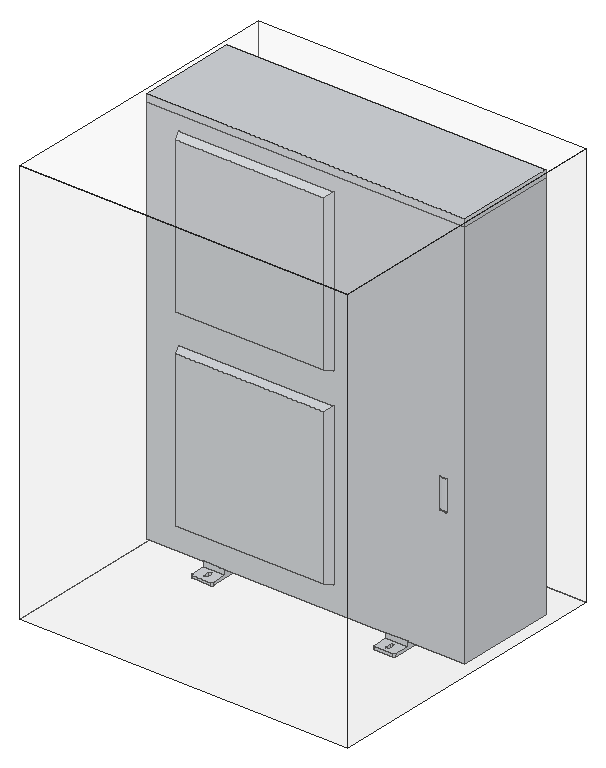
Revit family "puz-hrmp80_160ka9_60hz", category 機械設備, Revit 2019
Family settings
  丸型コネクタ寸法 = 直径を使用
  パーツ タイプ = 標準
  OmniClass 番号 = 23.75.10.24.21.27.27
  OmniClass タイトル = Split System Air Conditioning Units
  作業面ベース = いいえ
  常に垂直 = はい
  ロード時にボイドで切り取り = いいえ
  共有 = いいえ
  部屋計算ポイント = いいえ
Parameters (values of type "室外機_PUZ-HRMP112KA9")
  音響パワーレベル_暖房 (dB) = 69
  音響パワーレベル_冷房 (dB) = 66
  音響パワーレベル(dB) = if([音響パワーレベル_冷房 (dB)] > [音響パワーレベル_暖房 (dB)], [音響パワーレベル_冷房 (dB)], [音響パワーレベル_暖房 (dB)])  # 69
  電源種別 = ""
  電源位置Y = 2 mm
  電源位置Z = 1063 mm
  電源位置X = 325 mm
  電圧 = 200 V
  電動機出力_送風機 = 0.12 kW
  電動機出力_圧縮機 = 2.1 kW
  集中コントローラ [instance] = ""
  運転質量 = 0.00 kg
  運転方法 = "冷暖切替"
  質量 = if(製品質量 > 運転質量, 製品質量, 運転質量) * 1.2  # 135.60 kg
  負荷分類 = 1_熱源類
  説明 = "空冷H/P PAC インバータ室外機"
  設計暖房能力 [instance] = 0 kW
  設計冷房能力_顕熱 [instance] = 0 kW
  設計冷房能力 [instance] = 0 kW
  設置方法 = "床置形"
  記号 [instance] = ""
  製造元 = "三菱電機株式会社"
  製品質量 = 113.00 kg
  製品出荷対象 = "国内"
  製品リリース年月 = ""
  製品グループ = ""
  系統 [instance] = ""
  符号 = "PAC"
  積算_科目 = "1 空気調和設備"
  積算_拾い区分 [instance] = ""
  相 = 3
  盤記号 [instance] = ""
  発停方法 = "付属スイッチ"
  特殊仕様 [instance] = ""
  消費電力_暖房 = 2.69 kW
  消費電力_冷房 = 2.5 kW
  消費電力 = if(消費電力_冷房 > 消費電力_暖房, 消費電力_冷房, 消費電力_暖房)  # 2.69 kW
  法定耐用年数 = "6"
  構成品番 = "PUZ-HRMP112KA9"
  極数 = 3
  材質 [instance] = ""
  本体マテリアル = none
  最小電線太さ_mm2 = 5.5
  最大電流値 = 0 A
  暖房能力 = 11.2 kW
  推奨ブレーカー容量 = 30 A
  据付ピッチ1 = 0 mm
  形式 = "パッケージ形 室外機"
  形名 = PUZ-HDRMP-3 : PUZ-HDRMP-3
  幹線記号 [instance] = ""
  始動方式 = "インバータ始動方式"
  呼称 = "パッケージ形空気調和機_室外機"
  周波数 = 60 Hz
  価格 = 0
  ドレン　位置Z = 23 mm
  ドレン　位置Y = 176 mm
  ドレン　位置X = 45 mm
  アンカーボルト位置Y = 370 mm
  アンカーボルト位置X = 600 mm
  参照している仕様書等のバージョン = "公共建築物標準仕様書（機械設備工事編）平成31年度版"
  分類コード = "5.0053E+13"
  分類グループ = ""
  冷房能力 = 10 kW
  冷媒管（ガス）位置X = 483 mm
  冷媒管（液）位置X = 423 mm
  冷媒管（液）位置Y = 290 mm
  冷媒管（ガス）位置Y = 274 mm
  冷媒管長 [instance] = 0 mm
  冷媒管径符号 = "Bd"
  冷媒管径 = 100.00 mm
  冷媒管位置Z = 450 mm
  冷媒管位置Y = (冷媒管（液）位置Y + 冷媒管（ガス）位置Y) / 2  # 282 mm
  冷媒管位置X = (冷媒管（液）位置X + 冷媒管（ガス）位置X) / 2  # 453 mm
  冷媒液管径 = 9.52 mm
  冷媒ガス管径 = 15.88 mm
  企業コード = "108420"
  付属品 [instance] = ""
  仕様書バージョン = "Version1.0"
  ユニット数 = 1
  Model = ""
  ドレン管径 = 33.00 mm
  サービススペース = yes
  コメント [instance] = ""
  ケーブル種類1 = ""
  【値が 0 の項目は組合せ形名にてご確認ください】 = ""
  Width = 1050 mm
  Version = ""
  Uniclass2015Version = "Systems v1.9"
  Uniclass2015Title = "Split coil remote air cooled condensing units"
  Uniclass2015Code = "Pr_70_65_03_84"
  URL = "https://www.mitsubishielectric.co.jp/ldg/wink/ssl/top.do\""
  SpecificationReference = ""
  SpecificationDescription = ""
  Revision = ""
  ProductInformation = ""
  OmniClassCode = "23-33 17 13 11"
  IfcTypeProduct = ""
  IfcProduct = ""
  IfcExportType = "AIRCONDITIONINGUNIT"
  IfcExportAs = "IfcUnitaryEquipmentType"
  Height = 1338 mm
  Depth = 330 mm
  Clearance Top = 0 mm
  Clearance Right = 15 mm
  Clearance Left = 15 mm
  Clearance Front = 500 mm
  Clearance Bottom = 0 mm
  Clearance Back = 150 mm
  COP_暖房 = 0
  COP_冷房 = 0
  COP = (COP_冷房 + COP_暖房) / 2  # 0
  Author = "三菱電機株式会社"
  APF = 0
Reference planes
  plane 1 "中心(正面/背面)": y = 74
  plane 2: z = 0
  plane 3 "中心(左/右)": x = 830
  plane 4 "右": x = 1355
  plane 5 "左": x = 305
  plane 6 "背面": y = 239
  plane 7 "正面": y = -91
  plane 8 "上部": z = 1338
  plane 9 "Clearanse Top": z = 1338
  plane 10 "SS_back": y = 389
  plane 11 "SS_front": y = -591
  plane 12 "SS_left": x = 290
  plane 13 "SS_right": x = 1370
  plane 14: z = 0
  plane 15: y = -89
  plane 16: x = 1155
  plane 17: z = 1063
  plane 18: y = -87
  plane 19: y = -43
  plane 20: x = 1283
  plane 21: z = 450
  plane 22: z = 452
  plane 23: y = 63
  plane 24: x = 350
  plane 25: z = 25
  plane 26: z = 23
  plane 27: x = 530
  plane 28: x = 1130
  plane 29: y = 259
  plane 30: y = -111
Forms (mm)
  Extrusion 1, solid, detail levels fine
    sketch origin (0, -91, 0) x (1, 0, 0) y (0, 0, 1)
      loop
        circle (1155, 1063) r 13.5
    from -4 to -2
  Extrusion 2, solid, detail levels fine
    sketch origin (-1437.329, -1524, 54) x (-1, 0, 0) y (0, -1, 0)
      loop
        circle (-2720.329, -1481) r 50
    from 396 to 398
  Extrusion 3, solid, detail levels fine
    sketch origin (-1437.329, -1524, 54) x (-1, 0, 0) y (0, -1, 0)
      loop
        circle (-1787.329, -1587) r 16.5
    from -31 to -29
Lines and regions (mm)
  model lines, not visible
    curve 1: line (460, 178.667, 1289.179) -> (460, 297.73, 1289.179)
    curve 2: line (460, 178.667, 1056.056) -> (460, 178.667, 1289.179)
    curve 3: line (460, 297.73, 1056.056) -> (460, 178.667, 1056.056)
    curve 4: line (460, 297.73, 1289.179) -> (460, 297.73, 1056.056)
    curve 5: line (460, 47.598, 1289.179) -> (460, 166.661, 1289.179)
    curve 6: line (460, 47.598, 1056.056) -> (460, 47.598, 1289.179)
    curve 7: line (460, 166.661, 1056.056) -> (460, 47.598, 1056.056)
    curve 8: line (460, 166.661, 1289.179) -> (460, 166.661, 1056.056)
    curve 9: line (460, -83.471, 1289.179) -> (460, 35.592, 1289.179)
    curve 10: line (460, -83.471, 1056.056) -> (460, -83.471, 1289.179)
    curve 11: line (460, 35.592, 1056.056) -> (460, -83.471, 1056.056)
    curve 12: line (460, 35.592, 1289.179) -> (460, 35.592, 1056.056)
    curve 13: line (460, -150.779, 1289.179) -> (460, -95.75, 1289.179)
    curve 14: line (460, -150.779, 1056.056) -> (460, -150.779, 1289.179)
    curve 15: line (460, -95.75, 1056.056) -> (460, -150.779, 1056.056)
    curve 16: line (460, -95.75, 1289.179) -> (460, -95.75, 1056.056)
    curve 17: line (460, -150.779, 1283.175) -> (460, -132.596, 1283.175)
    curve 18: line (460, -150.779, 1062.059) -> (460, -150.779, 1283.175)
    curve 19: line (460, -132.596, 1062.059) -> (460, -150.779, 1062.059)
    curve 20: line (460, -132.596, 1283.175) -> (460, -132.596, 1062.059)
    curve 21: line (460, 178.667, 1046.051) -> (460, 297.73, 1046.051)
    curve 22: line (460, 178.667, 812.928) -> (460, 178.667, 1046.051)
    curve 23: line (460, 297.73, 812.928) -> (460, 178.667, 812.928)
    curve 24: line (460, 297.73, 1046.051) -> (460, 297.73, 812.928)
    curve 25: line (460, 47.598, 1046.051) -> (460, 166.661, 1046.051)
    curve 26: line (460, 47.598, 812.928) -> (460, 47.598, 1046.051)
    curve 27: line (460, 166.661, 812.928) -> (460, 47.598, 812.928)
    curve 28: line (460, 166.661, 1046.051) -> (460, 166.661, 812.928)
    curve 29: line (460, -83.471, 1046.051) -> (460, 35.592, 1046.051)
    curve 30: line (460, -83.471, 812.928) -> (460, -83.471, 1046.051)
    curve 31: line (460, 35.592, 812.928) -> (460, -83.471, 812.928)
    curve 32: line (460, 35.592, 1046.051) -> (460, 35.592, 812.928)
    curve 33: line (460, -150.779, 1046.051) -> (460, -95.75, 1046.051)
    curve 34: line (460, -150.779, 812.928) -> (460, -150.779, 1046.051)
    curve 35: line (460, -95.75, 812.928) -> (460, -150.779, 812.928)
    curve 36: line (460, -95.75, 1046.051) -> (460, -95.75, 812.928)
    curve 37: line (460, -150.779, 1040.048) -> (460, -132.596, 1040.048)
    curve 38: line (460, -150.779, 818.931) -> (460, -150.779, 1040.048)
    curve 39: line (460, -132.596, 818.931) -> (460, -150.779, 818.931)
    curve 40: line (460, -132.596, 1040.048) -> (460, -132.596, 818.931)
    curve 41: line (460, 178.667, 802.923) -> (460, 297.73, 802.923)
    curve 42: line (460, 178.667, 569.8) -> (460, 178.667, 802.923)
    curve 43: line (460, 297.73, 569.8) -> (460, 178.667, 569.8)
    curve 44: line (460, 297.73, 802.923) -> (460, 297.73, 569.8)
    curve 45: line (460, 47.598, 802.923) -> (460, 166.661, 802.923)
    curve 46: line (460, 47.598, 569.8) -> (460, 47.598, 802.923)
    curve 47: line (460, 166.661, 569.8) -> (460, 47.598, 569.8)
    curve 48: line (460, 166.661, 802.923) -> (460, 166.661, 569.8)
    curve 49: line (460, -83.471, 802.923) -> (460, 35.592, 802.923)
    curve 50: line (460, -83.471, 569.8) -> (460, -83.471, 802.923)
    curve 51: line (460, 35.592, 569.8) -> (460, -83.471, 569.8)
    curve 52: line (460, 35.592, 802.923) -> (460, 35.592, 569.8)
    curve 53: line (460, -150.779, 802.923) -> (460, -95.75, 802.923)
    curve 54: line (460, -150.779, 569.8) -> (460, -150.779, 802.923)
    curve 55: line (460, -95.75, 569.8) -> (460, -150.779, 569.8)
    curve 56: line (460, -95.75, 802.923) -> (460, -95.75, 569.8)
    curve 57: line (460, -150.779, 796.92) -> (460, -132.596, 796.92)
    curve 58: line (460, -150.779, 575.803) -> (460, -150.779, 796.92)
    curve 59: line (460, -132.596, 575.803) -> (460, -150.779, 575.803)
    curve 60: line (460, -132.596, 796.92) -> (460, -132.596, 575.803)
    curve 61: line (460, 178.667, 559.795) -> (460, 297.73, 559.795)
    curve 62: line (460, 178.667, 326.672) -> (460, 178.667, 559.795)
    curve 63: line (460, 297.73, 326.672) -> (460, 178.667, 326.672)
    curve 64: line (460, 297.73, 559.795) -> (460, 297.73, 326.672)
    curve 65: line (460, 47.598, 559.795) -> (460, 166.661, 559.795)
    curve 66: line (460, 47.598, 326.672) -> (460, 47.598, 559.795)
    curve 67: line (460, 166.661, 326.672) -> (460, 47.598, 326.672)
    curve 68: line (460, 166.661, 559.795) -> (460, 166.661, 326.672)
    curve 69: line (460, -83.471, 559.795) -> (460, 35.592, 559.795)
    curve 70: line (460, -83.471, 326.672) -> (460, -83.471, 559.795)
    curve 71: line (460, 35.592, 326.672) -> (460, -83.471, 326.672)
    curve 72: line (460, 35.592, 559.795) -> (460, 35.592, 326.672)
    curve 73: line (460, -150.779, 559.795) -> (460, -95.75, 559.795)
    curve 74: line (460, -150.779, 326.672) -> (460, -150.779, 559.795)
    curve 75: line (460, -95.75, 326.672) -> (460, -150.779, 326.672)
    curve 76: line (460, -95.75, 559.795) -> (460, -95.75, 326.672)
    curve 77: line (460, -150.779, 553.792) -> (460, -132.596, 553.792)
    curve 78: line (460, -150.779, 332.675) -> (460, -150.779, 553.792)
    curve 79: line (460, -132.596, 332.675) -> (460, -150.779, 332.675)
    curve 80: line (460, -132.596, 553.792) -> (460, -132.596, 332.675)
    curve 81: line (460, 178.667, 316.667) -> (460, 297.73, 316.667)
    curve 82: line (460, 178.667, 83.544) -> (460, 178.667, 316.667)
    curve 83: line (460, 297.73, 83.544) -> (460, 178.667, 83.544)
    curve 84: line (460, 297.73, 316.667) -> (460, 297.73, 83.544)
    curve 85: line (460, 47.598, 316.667) -> (460, 166.661, 316.667)
    curve 86: line (460, 47.598, 83.544) -> (460, 47.598, 316.667)
    curve 87: line (460, 166.661, 83.544) -> (460, 47.598, 83.544)
    curve 88: line (460, 166.661, 316.667) -> (460, 166.661, 83.544)
    curve 89: line (460, -83.471, 316.667) -> (460, 35.592, 316.667)
    curve 90: line (460, -83.471, 83.544) -> (460, -83.471, 316.667)
    curve 91: line (460, 35.592, 83.544) -> (460, -83.471, 83.544)
    curve 92: line (460, 35.592, 316.667) -> (460, 35.592, 83.544)
    curve 93: line (460, -150.779, 316.667) -> (460, -95.75, 316.667)
    curve 94: line (460, -150.779, 83.544) -> (460, -150.779, 316.667)
    curve 95: line (460, -95.75, 83.544) -> (460, -150.779, 83.544)
    curve 96: line (460, -95.75, 316.667) -> (460, -95.75, 83.544)
    curve 97: line (460, -150.779, 310.664) -> (460, -132.596, 310.664)
    curve 98: line (460, -150.779, 89.547) -> (460, -150.779, 310.664)
    curve 99: line (460, -132.596, 89.547) -> (460, -150.779, 89.547)
    curve 100: line (460, -132.596, 310.664) -> (460, -132.596, 89.547)
Dimensions and locks
  equal spacing: plane 7 "正面", plane 1 "中心(正面/背面)", plane 6 "背面"
  "Depth": plane 7 "正面" to plane 6 "背面"
  "Width": plane 5 "左" to plane 4 "右"
  equal spacing: plane 5 "左", plane 3 "中心(左/右)", plane 4 "右"
  "Clearance Left": plane 12 "SS_left" to plane 5 "左"
  "Clearance Right": plane 4 "右" to plane 13 "SS_right"
  "Clearance Back": plane 6 "背面" to plane 10 "SS_back"
  "Clearance Front": plane 11 "SS_front" to plane 7 "正面"
  "Height": plane 8 "上部" to level
  "Clearance Top": plane 9 "Clearanse Top" to plane 8 "上部"
  "Clearance Bottom": level to plane 14
  "電源位置X": plane 3 "中心(左/右)" to plane 16
  "電源位置Y": plane 7 "正面" to plane 15
  "電源位置Z": plane 17 to level
  locked: plane 15 to plane 18 at 2
  "冷媒管位置X": plane 3 "中心(左/右)" to plane 20
  "冷媒管位置Y": plane 19 to plane 6 "背面"
  "冷媒管位置Z": plane 21 to level
  locked: plane 22 to plane 21 at 2
  "ドレン　位置X": plane 5 "左" to plane 24
  "ドレン　位置Y": plane 23 to plane 6 "背面"
  locked: plane 25 to plane 26 at 2
  "ドレン　位置Z": plane 26 to level
  equal spacing: plane 30, plane 1 "中心(正面/背面)", plane 29
  "アンカーボルト位置Y": plane 30 to plane 29
  equal spacing: plane 27, plane 3 "中心(左/右)", plane 28
  "アンカーボルト位置X": plane 27 to plane 28
  radius of Extrusion 1 sketch curve = 13.5 mm
  "冷媒管径": diameter of Extrusion 2 sketch curve
  "ドレン管径": diameter of Extrusion 3 sketch curve
  aligned and locked: level to plane 2
  aligned and locked: plane 10 "SS_back" to nested 1  (x2)
  aligned and locked: plane 13 "SS_right" to nested 1
  aligned and locked: plane 12 "SS_left" to nested 1  (x2)
  aligned and locked: nested 1 to plane 13 "SS_right"
  aligned and locked: plane 11 "SS_front" to nested 1
  aligned and locked: plane 9 "Clearanse Top" to nested 1
  aligned and locked: plane 1 "中心(正面/背面)" to nested 2
  aligned and locked: plane 3 "中心(左/右)" to nested 2
  aligned and locked: plane 14 to nested 1
  aligned and locked: plane 17 to Extrusion 1 sketch curve
  aligned and locked: plane 16 to Extrusion 1 sketch curve
  aligned and locked: Extrusion 1 to plane 18
  aligned and locked: plane 15 to Extrusion 1
  aligned and locked: plane 19 to Extrusion 2 sketch curve
  aligned and locked: plane 20 to Extrusion 2 sketch curve
  aligned and locked: plane 22 to Extrusion 2
  aligned and locked: Extrusion 2 to plane 21
  aligned and locked: plane 24 to Extrusion 3 sketch curve
  aligned and locked: plane 23 to Extrusion 3 sketch curve
  aligned and locked: plane 25 to Extrusion 3
  aligned and locked: Extrusion 3 to plane 26
  aligned and locked: plane 27 to nested 3
  aligned and locked: plane 29 to nested 3
Nested families
  nested 1: "サービススペース" at (830, -101, 669), visible <- "サービススペース", type "サービススペース"
    with Width 1080 mm, Height 1338 mm, Depth 980 mm
  nested 2: "PUZ-HDRMP-3" at (830, 74, 0), type <- "形名", type "PUZ-HDRMP-3", detail levels fine
    with 冷媒ガス管径-Y 274 mm
  nested 3: "固定点" at (530, -111, 0), type "固定点"
    with W 600 mm, D 370 mm
Connectors
  piping at (1283, -43, 450), diameter 100, driven by "冷媒管径", driven by "冷媒管径符号"
    settings: on Extrusion 2, index 1, connector inside diameter 609.60 mm, connector length 0 mm, flow factor 0, pipe flow 0.0 L/s, pressure drop 0.0 Pa, fitting loss kfactor 0, connector angle 0.00°, fixture units 0, engagement length 0 mm, angle of deflection 0.00°, flow configuration 1, flow direction 2, fitting loss method 4, system type 7, joint type 0, gender type 0, connector reference index -1, connector utility 0, adjustable connector no, is connector primary yes, connector description "Bd"
  electrical at (1155, -89, 1063), driven by "極数", driven by "負荷分類", driven by "電圧", driven by "消費電力"
    settings: on Extrusion 1, index 2, voltage 200 V, apparent load 2690 VA, apparent load phase1 0 VA, apparent load phase2 0 VA, apparent load phase3 0 VA, power factor 1, load classification "1_熱源類", number of poles 3, system type 30, power factor state 1, is connector primary yes, connector utility no, sub classification motor no, connector description ""
Definition of nested family "サービススペース"
  Parameters (values of type "サービススペース")
    Width [instance] = 500 mm
    Height [instance] = 500 mm
    Depth [instance] = 500 mm
  Reference planes
    plane 1 "中心(正面/背面)": y = 0
    plane 2: z = 0
    plane 3 "中心(左/右)": x = 0
    plane 4: y = -250
    plane 5: x = 250
    plane 6: y = 250
    plane 7: x = -250
    plane 8: z = 250
    plane 9: z = -250
  Forms (mm)
    Extrusion 1, solid
      sketch origin (-638.939, 0, 72.39) x (1, 0, 0) y (0, 1, 0)
        loop
          line (388.939, 250) -> (388.939, -250) -> (888.939, -250) -> (888.939, 250) -> (388.939, 250)
      from -322.39 to 177.61
  Lines and regions (mm)
    symbolic lines
      curve 1: line (-250, 0, 250) -> (250, 0, 250)
      curve 2: line (-250, 0, -250) -> (-250, 0, 250)
      curve 3: line (250, 0, -250) -> (-250, 0, -250)
      curve 4: line (250, 0, 250) -> (250, 0, -250)
      curve 5: line (0, -250, 250) -> (0, 250, 250)
      curve 6: line (0, -250, -250) -> (0, -250, 250)
      curve 7: line (0, 250, -250) -> (0, -250, -250)
      curve 8: line (0, 250, 250) -> (0, 250, -250)
      curve 9: line (-250, 250, 0) -> (250, 250, 0)
      curve 10: line (-250, -250, 0) -> (-250, 250, 0)
      curve 11: line (250, -250, 0) -> (-250, -250, 0)
      curve 12: line (250, 250, 0) -> (250, -250, 0)
  Dimensions and locks
    equal spacing: plane 7, plane 3 "中心(左/右)", plane 5
    equal spacing: plane 4, plane 1 "中心(正面/背面)", plane 6
    "Depth": plane 4 to plane 6
    "Width": plane 7 to plane 5
    equal spacing: plane 8, plane 2, plane 9
    "Height": plane 8 to plane 9
    aligned and locked: plane 9 to curve 3
    aligned and locked: plane 7 to curve 2
    aligned and locked: curve 4 to plane 5
    aligned and locked: plane 5 to Extrusion 1
    aligned and locked: Extrusion 1 to plane 7
    aligned and locked: Extrusion 1 to plane 9
    aligned and locked: plane 8 to Extrusion 1
    aligned and locked: plane 9 to curve 7
  Automatic sketch dimensions
    plane 4 to Extrusion 1 sketch curve = 0 mm
    Extrusion 1 sketch curve to plane 7 = 0 mm
    Extrusion 1 sketch curve to plane 5 = 0 mm
    plane 6 to Extrusion 1 sketch curve = 0 mm
    curve 2 to plane 8 = 0 mm
    plane 4 to curve 11 = 0 mm
    curve 11 to plane 7 = 0 mm
    curve 11 to plane 5 = 0 mm
    plane 6 to curve 10 = 0 mm
    curve 7 to plane 4 = 0 mm
    curve 7 to plane 6 = 0 mm
    curve 6 to plane 8 = 0 mm
Definition of nested family "PUZ-HDRMP-3"
  Parameters (values of type "PUZ-ZRMP112KA11")
    配線取出口サイズ = 27 mm
    配線取出口-Z = 1063 mm
    配線取出口-Y = 325 mm
    配線取出口-X = 325 mm
    液配管サイズ = 100 mm
    高さ = 1338 mm
    換気-W = 362 mm
    換気-H2 = 632 mm
    換気-H1 = 369 mm
    換気-D = 25 mm
    奥行き = 330 mm
    吊りボルト_H = 0 mm
    吊りボルト-φ = 12 mm
    冷媒配管サイズ = 9.52 mm
    冷媒液管径-Z = 450 mm
    冷媒液管径-Y = 290 mm
    冷媒液管径-X = 423 mm
    冷媒ガス管径-Z = 421 mm
    冷媒ガス管径-Y = 234 mm
    冷媒ガス管径-X = 483 mm
    吊りボルト-W = 600 mm
    マテリアル = none
    ドレン配管サイズ = 33 mm
    ドレン管径-Z = 0 mm
    ドレン管径-Y = 154 mm
    ドレン管径-X = 480 mm
    タイプ3 = yes
    タイプ2 = no
    タイプ1 = no
    ガス配管サイズ = 15.88 mm
    吊りボルト-D = 370 mm
    幅さ = 1050 mm
    a = 幅さ / 2  # 525 mm
  Reference planes
    plane 1 "中心(正面/背面)": y = 0
    plane 2: z = 0
    plane 3 "中心(左/右)": x = 0
    plane 4: z = 1338
    plane 5: x = -525
    plane 6: x = 525
    plane 7: y = 165
    plane 8: y = -165
    plane 9: x = 587
    plane 10: y = -105
    plane 11: y = 5
    plane 12: z = 1313
    plane 13: x = -545
    plane 14: x = -300
    plane 15: x = 300
    plane 16: y = 185
    plane 17: y = -185
    plane 18: x = 335
    plane 19: x = 265
    plane 20: x = -265
    plane 21: x = -335
    plane 22: y = 204
    plane 23: y = -218
    plane 24: z = 8.5
    plane 25: z = 25
    plane 26: z = 23
    plane 27: z = 1333
    plane 28: y = -40
    plane 29: y = 40
    plane 30: y = -30
    plane 31: y = 30
    plane 32: z = 1318
    plane 33: z = 55
    plane 34: z = 225
    plane 35: z = 570
    plane 36: x = 535
    plane 37: x = 556
    plane 38: y = -190
    plane 39: x = -163
    plane 40: z = 369
    plane 41: x = 91
    plane 42: x = -417
    plane 43: z = 633
    plane 44: z = 105
    plane 45: x = -407
    plane 46: x = 81
    plane 47: z = 623
    plane 48: z = 115
    plane 49: y = 115
    plane 50: y = -115
    plane 51: x = -480
    plane 52: y = -11
    plane 53: x = 483
    plane 54: x = 325
    plane 55: y = -160
    plane 56: y = -125
    plane 57: y = -69
    plane 58: x = 423
    plane 59: z = 421
    plane 60: z = 450
    plane 61: z = 1063
    plane 62: y = -110
    plane 63: z = 550
    plane 64: z = 550
    plane 65: x = 453
    plane 66: y = -97
    plane 67 "グループ": x = -525
    plane 68: z = 1338
    plane 69: z = 943
    plane 70: z = 1001
    plane 71: z = 1265
    plane 72: z = 737
    plane 73: z = 1255
    plane 74: z = 747
    plane 75: y = 125
    plane 76: x = -370
    plane 77: x = -210
    plane 78: x = -50
    plane 79: x = 110
  Forms (mm)
    Extrusion 1, solid, visible <- "タイプ3", detail levels fine
      sketch origin (-1437.329, -1524, 1338) x (-1, 0, 0) y (0, -1, 0)
        loop
          line (-1102.329, -1689) -> (-1102.329, -1359) -> (-1172.329, -1359) -> (-1172.329, -1689) -> (-1102.329, -1689)
        loop
          line (-1702.329, -1689) -> (-1702.329, -1359) -> (-1772.329, -1359) -> (-1772.329, -1689) -> (-1702.329, -1689)
      from -1338 to -1313
    Extrusion 2, solid, material <- "マテリアル", visible <- "タイプ3", detail levels fine
      sketch origin (-1437.329, -1524, 1338) x (-1, 0, 0) y (0, -1, 0)
        loop
          line (-1962.329, -1689) -> (-912.329, -1689) -> (-912.329, -1359) -> (-1962.329, -1359) -> (-1962.329, -1689)
      from -1313 to -25
    Extrusion 3, solid, material <- "マテリアル", visible <- "タイプ3", detail levels fine
      sketch origin (-1437.329, -1524, 1338) x (-1, 0, 0) y (0, -1, 0)
        loop
          line (-912.329, -1689) -> (-912.329, -1359) -> (-1962.329, -1359) -> (-1962.329, -1689) -> (-912.329, -1689)
      from -25 to 0
    Blend 4, solid, material <- "マテリアル", visible <- "タイプ3", detail levels fine
      base sketch origin (0, 0, 0) x (1, 0, 0) y (0, 0, 1)
        loop
          line (-417, 633) -> (-417, 105) -> (91, 105) -> (91, 633) -> (-417, 633)
      top sketch origin (0, 0, 0) x (1, 0, 0) y (0, 0, 1)
        loop
          line (-407, 623) -> (-407, 115) -> (81, 115) -> (81, 623) -> (-407, 623)
      from 165 to 190
    Extrusion 5, solid, material <- "マテリアル", visible <- "タイプ3", detail levels fine
      sketch origin (-1437.329, -1524, 1338) x (-1, 0, 0) y (0, -1, 0)
        loop
          circle (-1920.329, -1455) r 7.94
      from -917 to -788
    Extrusion 6, solid, material <- "マテリアル", visible <- "タイプ3", detail levels fine
      sketch origin (-1437.329, -1524, 1338) x (-1, 0, 0) y (0, -1, 0)
        loop
          circle (-1860.329, -1399) r 4.76
      from -888 to -788
    Extrusion 7, solid, material <- "マテリアル", visible <- "タイプ3", detail levels fine
      sketch origin (1480.036, -190, 1200) x (1, 0, 0) y (0, 0, 1)
        loop
          circle (-1155.036, -137) r 13.5
      from -80 to -30
    Extrusion 8, solid, material <- "マテリアル", visible <- "タイプ3", detail levels fine
      sketch origin (-1437.329, -1524, 1338) x (-1, 0, 0) y (0, -1, 0)
        loop
          circle (-1890.329, -1427) r 50
      from -888 to -788
    Blend 9, solid, material <- "マテリアル", visible <- "タイプ3", detail levels fine
      base sketch origin (1480.036, -190, 1200) x (1, 0, 0) y (0, 0, 1)
        loop
          line (-1897.036, 65) -> (-1897.036, -463) -> (-1389.036, -463) -> (-1389.036, 65) -> (-1897.036, 65)
      top sketch origin (1480.036, -190, 1200) x (1, 0, 0) y (0, 0, 1)
        loop
          line (-1887.036, 55) -> (-1887.036, -453) -> (-1399.036, -453) -> (-1399.036, 55) -> (-1887.036, 55)
      from -25 to 0
    Extrusion 10, solid, visible <- "タイプ3", detail levels fine
      sketch origin (-1437.329, -1524, 1338) x (-1, 0, 0) y (0, -1, 0)
        loop
          line (-1102.329, -1728) -> (-1102.329, -1689) -> (-1172.329, -1689) -> (-1172.329, -1728) -> (-1143.329, -1728) -> (-1143.329, -1709)
          arc (-1143.329, -1709) -> (-1137.329, -1703) -> (-1131.329, -1709) r 6
          line (-1131.329, -1709) -> (-1131.329, -1728) -> (-1102.329, -1728)
        loop
          line (-1102.329, -1359) -> (-1102.329, -1311)
          arc (-1102.329, -1311) -> (-1103.794, -1307.464) -> (-1107.329, -1306) r 5
          line (-1107.329, -1306) -> (-1167.329, -1306)
          arc (-1167.329, -1306) -> (-1170.865, -1307.464) -> (-1172.329, -1311) r 5
          line (-1172.329, -1311) -> (-1172.329, -1359) -> (-1102.329, -1359)
        loop
          arc (-1143.329, -1339) -> (-1137.329, -1345) -> (-1131.329, -1339) r 6
          line (-1131.329, -1339) -> (-1131.329, -1324)
          arc (-1131.329, -1324) -> (-1137.329, -1318) -> (-1143.329, -1324) r 6
          line (-1143.329, -1324) -> (-1143.329, -1339)
        loop
          line (-1772.329, -1728) -> (-1743.329, -1728) -> (-1743.329, -1709)
          arc (-1743.329, -1709) -> (-1737.329, -1703) -> (-1731.329, -1709) r 6
          line (-1731.329, -1709) -> (-1731.329, -1728) -> (-1702.329, -1728) -> (-1702.329, -1689) -> (-1772.329, -1689) -> (-1772.329, -1728)
        loop
          line (-1772.329, -1359) -> (-1702.329, -1359) -> (-1702.329, -1311)
          arc (-1702.329, -1311) -> (-1703.794, -1307.464) -> (-1707.329, -1306) r 5
          line (-1707.329, -1306) -> (-1767.329, -1306)
          arc (-1767.329, -1306) -> (-1770.865, -1307.464) -> (-1772.329, -1311) r 5
          line (-1772.329, -1311) -> (-1772.329, -1359)
        loop
          line (-1731.329, -1339) -> (-1731.329, -1324)
          arc (-1731.329, -1324) -> (-1737.329, -1318) -> (-1743.329, -1324) r 6
          line (-1743.329, -1324) -> (-1743.329, -1339)
          arc (-1743.329, -1339) -> (-1737.329, -1345) -> (-1731.329, -1339) r 6
      from -1338 to -1329.5
    Extrusion 11, solid, material <- "マテリアル", visible <- "タイプ3", detail levels fine
      sketch origin (-1437.329, -1524, 1338) x (-1, 0, 0) y (0, -1, 0)
        loop
          circle (-957.329, -1513) r 16.5
        loop
          circle (-1067.329, -1649) r 16.5
        loop
          circle (-1227.329, -1649) r 16.5
        loop
          circle (-1387.329, -1649) r 16.5
        loop
          circle (-1547.329, -1649) r 16.5
      from -1315 to -1313
  Cuts and joins
    joined: Extrusion 1, Extrusion 10
  Lines and regions (mm)
    Masking region 1, visible <- "タイプ3", detail levels coarse+medium
      outline origin (-1437.329, -1524, 1338) x (-1, 0, 0) y (0, -1, 0)
        loop
          line (-1962.329, -1689) -> (-1772.329, -1689) -> (-1772.329, -1728) -> (-1702.329, -1728) -> (-1702.329, -1689) -> (-1172.329, -1689) -> (-1172.329, -1728) -> (-1102.329, -1728) -> (-1102.329, -1689) -> (-912.329, -1689) -> (-912.329, -1359) -> (-1020.329, -1359) -> (-1030.329, -1334) -> (-1102.329, -1334) -> (-1102.329, -1306) -> (-1172.329, -1306) -> (-1172.329, -1334) -> (-1518.329, -1334) -> (-1528.329, -1359) -> (-1702.329, -1359) -> (-1702.329, -1306) -> (-1772.329, -1306) -> (-1772.329, -1359) -> (-1962.329, -1359) -> (-1962.329, -1689)
    model lines, visible <- "タイプ3", detail levels fine
      curve 1: line (447, 115, 1338) -> (-445, 115, 1338)
      curve 2: line (-445, -115, 1338) -> (447, -115, 1338)
      curve 3: line (-445, -45, 1338) -> (447, -45, 1338)
      curve 4: line (447, 45, 1338) -> (-445, 45, 1338)
      curve 5: line (-445, -35, 1338) -> (447, -35, 1338)
      curve 6: line (447, 35, 1338) -> (-445, 35, 1338)
      curve 7: line (-445, 115, 1338) -> (-445, 45, 1338)
      curve 8: line (447, -115, 1338) -> (447, -45, 1338)
      curve 9: line (-445, 35, 1338) -> (-445, -35, 1338)
      curve 10: line (-445, -45, 1338) -> (-445, -115, 1338)
      curve 11: line (447, -35, 1338) -> (447, 35, 1338)
      curve 12: line (447, 45, 1338) -> (447, 115, 1338)
      curve 13: line (479, -115, 1338) -> (479, 115, 1338)
      curve 14: line (462, -115, 1338) -> (462, 115, 1338)
      curve 15: line (-475, 115, 1338) -> (-475, -115, 1338)
      curve 16: line (-460, 115, 1338) -> (-460, -115, 1338)
      curve 17: line (-460, 115, 1338) -> (-475, 115, 1338)
      curve 18: line (-460, -115, 1338) -> (-475, -115, 1338)
      curve 19: line (462, 115, 1338) -> (479, 115, 1338)
      curve 20: line (462, -115, 1338) -> (479, -115, 1338)
      curve 21: line (-407, -190, 416.5) -> (81, -190, 416.5)
      curve 22: line (81, -190, 321.5) -> (-407, -190, 321.5)
      curve 23: line (-407, -190, 511.5) -> (81, -190, 511.5)
      curve 24: line (-407, -190, 606.5) -> (81, -190, 606.5)
      curve 25: line (81, -190, 226.5) -> (-407, -190, 226.5)
      curve 26: line (81, -190, 131.5) -> (-407, -190, 131.5)
      curve 27: line (-389.571, -190, 623) -> (-389.571, -190, 115)
      curve 28: line (63.571, -190, 115) -> (63.571, -190, 623)
      curve 29: line (-372.143, -190, 623) -> (-372.143, -190, 115)
      curve 30: line (-354.714, -190, 623) -> (-354.714, -190, 115)
      curve 31: line (-337.286, -190, 623) -> (-337.286, -190, 115)
      curve 32: line (-319.857, -190, 623) -> (-319.857, -190, 115)
      curve 33: line (-302.429, -190, 623) -> (-302.429, -190, 115)
      curve 34: line (-285, -190, 623) -> (-285, -190, 115)
      curve 35: line (-267.571, -190, 623) -> (-267.571, -190, 115)
      curve 36: line (-250.143, -190, 623) -> (-250.143, -190, 115)
      curve 37: line (-232.714, -190, 623) -> (-232.714, -190, 115)
      curve 38: line (-215.286, -190, 623) -> (-215.286, -190, 115)
      curve 39: line (-197.857, -190, 623) -> (-197.857, -190, 115)
      curve 40: line (-180.429, -190, 623) -> (-180.429, -190, 115)
      curve 41: line (-163, -190, 623) -> (-163, -190, 115)
      curve 42: line (-145.571, -190, 623) -> (-145.571, -190, 115)
      curve 43: line (-128.143, -190, 623) -> (-128.143, -190, 115)
      curve 44: line (-110.714, -190, 623) -> (-110.714, -190, 115)
      curve 45: line (-93.286, -190, 623) -> (-93.286, -190, 115)
      curve 46: line (-75.857, -190, 623) -> (-75.857, -190, 115)
      curve 47: line (-58.429, -190, 623) -> (-58.429, -190, 115)
      curve 48: line (-41, -190, 623) -> (-41, -190, 115)
      curve 49: line (-23.571, -190, 623) -> (-23.571, -190, 115)
      curve 50: line (-6.143, -190, 623) -> (-6.143, -190, 115)
      curve 51: line (11.286, -190, 623) -> (11.286, -190, 115)
      curve 52: line (28.714, -190, 623) -> (28.714, -190, 115)
      curve 53: line (46.143, -190, 623) -> (46.143, -190, 115)
      curve 54: line (-525, -100, 87) -> (-525, -60, 87)
      curve 55: line (-525, -100, 277) -> (-525, -100, 87)
      curve 56: line (-525, -60, 277) -> (-525, -100, 277)
      curve 57: line (-525, -60, 87) -> (-525, -60, 277)
      curve 58: line (-525, -100, 292) -> (-525, -60, 292)
      curve 59: line (-525, -100, 482) -> (-525, -100, 292)
      curve 60: line (-525, -60, 482) -> (-525, -100, 482)
      curve 61: line (-525, -60, 292) -> (-525, -60, 482)
      curve 62: line (-525, -100, 497) -> (-525, -60, 497)
      curve 63: line (-525, -100, 687) -> (-525, -100, 497)
      curve 64: line (-525, -60, 687) -> (-525, -100, 687)
      curve 65: line (-525, -60, 497) -> (-525, -60, 687)
      curve 66: line (-525, -100, 702) -> (-525, -60, 702)
      curve 67: line (-525, -100, 892) -> (-525, -100, 702)
      curve 68: line (-525, -60, 892) -> (-525, -100, 892)
      curve 69: line (-525, -60, 702) -> (-525, -60, 892)
      curve 70: line (-525, 60, 87) -> (-525, 100, 87)
      curve 71: line (-525, 60, 277) -> (-525, 60, 87)
      curve 72: line (-525, 100, 277) -> (-525, 60, 277)
      curve 73: line (-525, 100, 87) -> (-525, 100, 277)
      curve 74: line (-525, -46.667, 87) -> (-525, -6.667, 87)
      curve 75: line (-525, -46.667, 277) -> (-525, -46.667, 87)
      curve 76: line (-525, -6.667, 277) -> (-525, -46.667, 277)
      curve 77: line (-525, -6.667, 87) -> (-525, -6.667, 277)
      curve 78: line (-525, 6.667, 87) -> (-525, 46.667, 87)
      curve 79: line (-525, 6.667, 277) -> (-525, 6.667, 87)
      curve 80: line (-525, 46.667, 277) -> (-525, 6.667, 277)
      curve 81: line (-525, 46.667, 87) -> (-525, 46.667, 277)
      curve 82: line (-525, 60, 292) -> (-525, 100, 292)
      curve 83: line (-525, 60, 482) -> (-525, 60, 292)
      curve 84: line (-525, 100, 482) -> (-525, 60, 482)
      curve 85: line (-525, 100, 292) -> (-525, 100, 482)
      curve 86: line (-525, 60, 702) -> (-525, 100, 702)
      curve 87: line (-525, 60, 892) -> (-525, 60, 702)
      curve 88: line (-525, 100, 892) -> (-525, 60, 892)
      curve 89: line (-525, 100, 702) -> (-525, 100, 892)
      curve 90: line (-525, -46.667, 292) -> (-525, -6.667, 292)
      curve 91: line (-525, -46.667, 482) -> (-525, -46.667, 292)
      curve 92: line (-525, -6.667, 482) -> (-525, -46.667, 482)
      curve 93: line (-525, -6.667, 292) -> (-525, -6.667, 482)
      curve 94: line (-525, -46.667, 497) -> (-525, -6.667, 497)
      curve 95: line (-525, -46.667, 687) -> (-525, -46.667, 497)
      curve 96: line (-525, -6.667, 687) -> (-525, -46.667, 687)
      curve 97: line (-525, -6.667, 497) -> (-525, -6.667, 687)
      curve 98: line (-525, -46.667, 702) -> (-525, -6.667, 702)
      curve 99: line (-525, -46.667, 892) -> (-525, -46.667, 702)
      curve 100: line (-525, -6.667, 892) -> (-525, -46.667, 892)
      curve 101: line (-525, -6.667, 702) -> (-525, -6.667, 892)
      curve 102: line (-525, 6.667, 292) -> (-525, 46.667, 292)
      curve 103: line (-525, 6.667, 482) -> (-525, 6.667, 292)
      curve 104: line (-525, 46.667, 482) -> (-525, 6.667, 482)
      curve 105: line (-525, 46.667, 292) -> (-525, 46.667, 482)
      curve 106: line (-525, 6.667, 497) -> (-525, 46.667, 497)
      curve 107: line (-525, 6.667, 687) -> (-525, 6.667, 497)
      curve 108: line (-525, 46.667, 687) -> (-525, 6.667, 687)
      curve 109: line (-525, 46.667, 497) -> (-525, 46.667, 687)
      curve 110: line (-525, 6.667, 702) -> (-525, 46.667, 702)
      curve 111: line (-525, 6.667, 892) -> (-525, 6.667, 702)
      curve 112: line (-525, 46.667, 892) -> (-525, 6.667, 892)
      curve 113: line (-525, 46.667, 702) -> (-525, 46.667, 892)
      curve 114: line (-525, -100, 907) -> (-525, -60, 907)
      curve 115: line (-525, -100, 1097) -> (-525, -100, 907)
      curve 116: line (-525, -60, 1097) -> (-525, -100, 1097)
      curve 117: line (-525, -60, 907) -> (-525, -60, 1097)
      curve 118: line (-525, 60, 907) -> (-525, 100, 907)
      curve 119: line (-525, 60, 1097) -> (-525, 60, 907)
      curve 120: line (-525, 100, 1097) -> (-525, 60, 1097)
      curve 121: line (-525, 100, 907) -> (-525, 100, 1097)
      curve 122: line (-525, -46.667, 907) -> (-525, -6.667, 907)
      curve 123: line (-525, -46.667, 1097) -> (-525, -46.667, 907)
      curve 124: line (-525, -6.667, 1097) -> (-525, -46.667, 1097)
      curve 125: line (-525, -6.667, 907) -> (-525, -6.667, 1097)
      curve 126: line (-525, 6.667, 907) -> (-525, 46.667, 907)
      curve 127: line (-525, 6.667, 1097) -> (-525, 6.667, 907)
      curve 128: line (-525, 46.667, 1097) -> (-525, 6.667, 1097)
      curve 129: line (-525, 46.667, 907) -> (-525, 46.667, 1097)
      curve 130: line (-525, -100, 1112) -> (-525, -60, 1112)
      curve 131: line (-525, -100, 1302) -> (-525, -100, 1112)
      curve 132: line (-525, -60, 1302) -> (-525, -100, 1302)
      curve 133: line (-525, -60, 1112) -> (-525, -60, 1302)
      curve 134: line (-525, 60, 1112) -> (-525, 100, 1112)
      curve 135: line (-525, 60, 1302) -> (-525, 60, 1112)
      curve 136: line (-525, 100, 1302) -> (-525, 60, 1302)
      curve 137: line (-525, 100, 1112) -> (-525, 100, 1302)
      curve 138: line (-525, -46.667, 1112) -> (-525, -6.667, 1112)
      curve 139: line (-525, -46.667, 1302) -> (-525, -46.667, 1112)
      curve 140: line (-525, -6.667, 1302) -> (-525, -46.667, 1302)
      curve 141: line (-525, -6.667, 1112) -> (-525, -6.667, 1302)
      curve 142: line (-525, 6.667, 1112) -> (-525, 46.667, 1112)
      curve 143: line (-525, 6.667, 1302) -> (-525, 6.667, 1112)
      curve 144: line (-525, 46.667, 1302) -> (-525, 6.667, 1302)
      curve 145: line (-525, 46.667, 1112) -> (-525, 46.667, 1302)
      curve 303: line (81, -190, 1238.5) -> (-407, -190, 1238.5)
      curve 304: line (-407, -190, 763.5) -> (81, -190, 763.5)
      curve 305: line (-389.571, -190, 1255) -> (-389.571, -190, 747)
      curve 306: line (81, -190, 858.5) -> (-407, -190, 858.5)
      curve 307: line (81, -190, 1143.5) -> (-407, -190, 1143.5)
      curve 308: line (81, -190, 1048.5) -> (-407, -190, 1048.5)
      curve 309: line (-407, -190, 953.5) -> (81, -190, 953.5)
      curve 310: line (-372.143, -190, 1255) -> (-372.143, -190, 747)
      curve 311: line (-354.714, -190, 1255) -> (-354.714, -190, 747)
      curve 312: line (-337.286, -190, 1255) -> (-337.286, -190, 747)
      curve 313: line (-319.857, -190, 1255) -> (-319.857, -190, 747)
      curve 314: line (-302.429, -190, 1255) -> (-302.429, -190, 747)
      curve 315: line (-285, -190, 1255) -> (-285, -190, 747)
      curve 316: line (-267.571, -190, 1255) -> (-267.571, -190, 747)
      curve 317: line (-250.143, -190, 1255) -> (-250.143, -190, 747)
      curve 318: line (-232.714, -190, 1255) -> (-232.714, -190, 747)
      curve 319: line (-215.286, -190, 1255) -> (-215.286, -190, 747)
      curve 320: line (-197.857, -190, 1255) -> (-197.857, -190, 747)
      curve 321: line (-180.429, -190, 1255) -> (-180.429, -190, 747)
      curve 322: line (-163, -190, 1255) -> (-163, -190, 747)
      curve 323: line (-145.571, -190, 1255) -> (-145.571, -190, 747)
      curve 324: line (-128.143, -190, 1255) -> (-128.143, -190, 747)
      curve 325: line (-110.714, -190, 1255) -> (-110.714, -190, 747)
      curve 326: line (-93.286, -190, 1255) -> (-93.286, -190, 747)
      curve 327: line (-75.857, -190, 1255) -> (-75.857, -190, 747)
      curve 328: line (-58.429, -190, 1255) -> (-58.429, -190, 747)
      curve 329: line (-41, -190, 1255) -> (-41, -190, 747)
      curve 330: line (-23.571, -190, 1255) -> (-23.571, -190, 747)
      curve 331: line (-6.143, -190, 1255) -> (-6.143, -190, 747)
      curve 332: line (11.286, -190, 1255) -> (11.286, -190, 747)
      curve 333: line (28.714, -190, 1255) -> (28.714, -190, 747)
      curve 334: line (46.143, -190, 1255) -> (46.143, -190, 747)
      curve 335: line (63.571, -190, 1255) -> (63.571, -190, 747)
    model lines, visible <- "タイプ3", not visible, detail levels fine
      curve 146: line (-525, -100, 907) -> (-525, -60, 907)
      curve 147: line (-525, -100, 1097) -> (-525, -100, 907)
      curve 148: line (-525, -60, 1097) -> (-525, -100, 1097)
      curve 149: line (-525, -60, 907) -> (-525, -60, 1097)
      curve 150: line (-525, 60, 907) -> (-525, 100, 907)
      curve 151: line (-525, 60, 1097) -> (-525, 60, 907)
      curve 152: line (-525, 100, 1097) -> (-525, 60, 1097)
      curve 153: line (-525, 100, 907) -> (-525, 100, 1097)
      curve 154: line (-525, -46.667, 907) -> (-525, -6.667, 907)
      curve 155: line (-525, -46.667, 1097) -> (-525, -46.667, 907)
      curve 156: line (-525, -6.667, 1097) -> (-525, -46.667, 1097)
      curve 157: line (-525, -6.667, 907) -> (-525, -6.667, 1097)
      curve 158: line (-525, 6.667, 907) -> (-525, 46.667, 907)
      curve 159: line (-525, 6.667, 1097) -> (-525, 6.667, 907)
      curve 160: line (-525, 46.667, 1097) -> (-525, 6.667, 1097)
      curve 161: line (-525, 46.667, 907) -> (-525, 46.667, 1097)
      curve 162: line (-525, -100, 1112) -> (-525, -60, 1112)
      curve 163: line (-525, -100, 1302) -> (-525, -100, 1112)
      curve 164: line (-525, -60, 1302) -> (-525, -100, 1302)
      curve 165: line (-525, -60, 1112) -> (-525, -60, 1302)
      curve 166: line (-525, 60, 1112) -> (-525, 100, 1112)
      curve 167: line (-525, 60, 1302) -> (-525, 60, 1112)
      curve 168: line (-525, 100, 1302) -> (-525, 60, 1302)
      curve 169: line (-525, 100, 1112) -> (-525, 100, 1302)
      curve 170: line (-525, -46.667, 1112) -> (-525, -6.667, 1112)
      curve 171: line (-525, -46.667, 1302) -> (-525, -46.667, 1112)
      curve 172: line (-525, -6.667, 1302) -> (-525, -46.667, 1302)
      curve 173: line (-525, -6.667, 1112) -> (-525, -6.667, 1302)
      curve 174: line (-525, 6.667, 1112) -> (-525, 46.667, 1112)
      curve 175: line (-525, 6.667, 1302) -> (-525, 6.667, 1112)
      curve 176: line (-525, 46.667, 1302) -> (-525, 6.667, 1302)
      curve 177: line (-525, 46.667, 1112) -> (-525, 46.667, 1302)
      curve 194: line (-525, -100, 87) -> (-525, -60, 87)
      curve 195: line (-525, -100, 277) -> (-525, -100, 87)
      curve 196: line (-525, -60, 277) -> (-525, -100, 277)
      curve 197: line (-525, -60, 87) -> (-525, -60, 277)
      curve 198: line (-525, -100, 292) -> (-525, -60, 292)
      curve 199: line (-525, -100, 482) -> (-525, -100, 292)
      curve 200: line (-525, -60, 482) -> (-525, -100, 482)
      curve 201: line (-525, -60, 292) -> (-525, -60, 482)
      curve 202: line (-525, -100, 497) -> (-525, -60, 497)
      curve 203: line (-525, -100, 687) -> (-525, -100, 497)
      curve 204: line (-525, -60, 687) -> (-525, -100, 687)
      curve 205: line (-525, -60, 497) -> (-525, -60, 687)
      curve 206: line (-525, -100, 702) -> (-525, -60, 702)
      curve 207: line (-525, -100, 892) -> (-525, -100, 702)
      curve 208: line (-525, -60, 892) -> (-525, -100, 892)
      curve 209: line (-525, -60, 702) -> (-525, -60, 892)
      curve 210: line (-525, 60, 87) -> (-525, 100, 87)
      curve 211: line (-525, 60, 277) -> (-525, 60, 87)
      curve 212: line (-525, 100, 277) -> (-525, 60, 277)
      curve 213: line (-525, 100, 87) -> (-525, 100, 277)
      curve 214: line (-525, -46.667, 87) -> (-525, -6.667, 87)
      curve 215: line (-525, -46.667, 277) -> (-525, -46.667, 87)
      curve 216: line (-525, -6.667, 277) -> (-525, -46.667, 277)
      curve 217: line (-525, -6.667, 87) -> (-525, -6.667, 277)
      curve 218: line (-525, 6.667, 87) -> (-525, 46.667, 87)
      curve 219: line (-525, 6.667, 277) -> (-525, 6.667, 87)
      curve 220: line (-525, 46.667, 277) -> (-525, 6.667, 277)
      curve 221: line (-525, 46.667, 87) -> (-525, 46.667, 277)
      curve 222: line (-525, 60, 292) -> (-525, 100, 292)
      curve 223: line (-525, 60, 482) -> (-525, 60, 292)
      curve 224: line (-525, 100, 482) -> (-525, 60, 482)
      curve 225: line (-525, 100, 292) -> (-525, 100, 482)
      curve 226: line (-525, 60, 702) -> (-525, 100, 702)
      curve 227: line (-525, 60, 892) -> (-525, 60, 702)
      curve 228: line (-525, 100, 892) -> (-525, 60, 892)
      curve 229: line (-525, 100, 702) -> (-525, 100, 892)
      curve 230: line (-525, -46.667, 292) -> (-525, -6.667, 292)
      curve 231: line (-525, -46.667, 482) -> (-525, -46.667, 292)
      curve 232: line (-525, -6.667, 482) -> (-525, -46.667, 482)
      curve 233: line (-525, -6.667, 292) -> (-525, -6.667, 482)
      curve 234: line (-525, -46.667, 497) -> (-525, -6.667, 497)
      curve 235: line (-525, -46.667, 687) -> (-525, -46.667, 497)
      curve 236: line (-525, -6.667, 687) -> (-525, -46.667, 687)
      curve 237: line (-525, -6.667, 497) -> (-525, -6.667, 687)
      curve 238: line (-525, -46.667, 702) -> (-525, -6.667, 702)
      curve 239: line (-525, -46.667, 892) -> (-525, -46.667, 702)
      curve 240: line (-525, -6.667, 892) -> (-525, -46.667, 892)
      curve 241: line (-525, -6.667, 702) -> (-525, -6.667, 892)
      curve 242: line (-525, 6.667, 292) -> (-525, 46.667, 292)
      curve 243: line (-525, 6.667, 482) -> (-525, 6.667, 292)
      curve 244: line (-525, 46.667, 482) -> (-525, 6.667, 482)
      curve 245: line (-525, 46.667, 292) -> (-525, 46.667, 482)
      curve 246: line (-525, 6.667, 497) -> (-525, 46.667, 497)
      curve 247: line (-525, 6.667, 687) -> (-525, 6.667, 497)
      curve 248: line (-525, 46.667, 687) -> (-525, 6.667, 687)
      curve 249: line (-525, 46.667, 497) -> (-525, 46.667, 687)
      curve 250: line (-525, 6.667, 702) -> (-525, 46.667, 702)
      curve 251: line (-525, 6.667, 892) -> (-525, 6.667, 702)
      curve 252: line (-525, 46.667, 892) -> (-525, 6.667, 892)
      curve 253: line (-525, 46.667, 702) -> (-525, 46.667, 892)
    model lines, visible <- "タイプ2", not visible
      curve 178: line (-600, -100, 33.5) -> (-600, -60, 33.5)
      curve 179: line (-600, -100, 73.5) -> (-600, -100, 33.5)
      curve 180: line (-600, -60, 73.5) -> (-600, -100, 73.5)
      curve 181: line (-600, -60, 33.5) -> (-600, -60, 73.5)
      curve 182: line (-600, 60, 33.5) -> (-600, 100, 33.5)
      curve 183: line (-600, 60, 73.5) -> (-600, 60, 33.5)
      curve 184: line (-600, 100, 73.5) -> (-600, 60, 73.5)
      curve 185: line (-600, 100, 33.5) -> (-600, 100, 73.5)
      curve 186: line (-509, -46.667, 33.5) -> (-509, -6.667, 33.5)
      curve 187: line (-509, -46.667, 73.5) -> (-509, -46.667, 33.5)
      curve 188: line (-509, -6.667, 73.5) -> (-509, -46.667, 73.5)
      curve 189: line (-509, -6.667, 33.5) -> (-509, -6.667, 73.5)
      curve 190: line (-509, 6.667, 33.5) -> (-509, 46.667, 33.5)
      curve 191: line (-509, 6.667, 73.5) -> (-509, 6.667, 33.5)
      curve 192: line (-509, 46.667, 73.5) -> (-509, 6.667, 73.5)
      curve 193: line (-509, 46.667, 33.5) -> (-509, 46.667, 73.5)
      curve 287: line (-404.5, -100, 33.5) -> (-404.5, -60, 33.5)
      curve 288: line (-404.5, -100, 73.5) -> (-404.5, -100, 33.5)
      curve 289: line (-404.5, -60, 73.5) -> (-404.5, -100, 73.5)
      curve 290: line (-404.5, -60, 33.5) -> (-404.5, -60, 73.5)
      curve 291: line (-404.5, 60, 33.5) -> (-404.5, 100, 33.5)
      curve 292: line (-404.5, 60, 73.5) -> (-404.5, 60, 33.5)
      curve 293: line (-404.5, 100, 73.5) -> (-404.5, 60, 73.5)
      curve 294: line (-404.5, 100, 33.5) -> (-404.5, 100, 73.5)
      curve 295: line (-404.5, -46.667, 33.5) -> (-404.5, -6.667, 33.5)
      curve 296: line (-404.5, -46.667, 73.5) -> (-404.5, -46.667, 33.5)
      curve 297: line (-404.5, -6.667, 73.5) -> (-404.5, -46.667, 73.5)
      curve 298: line (-404.5, -6.667, 33.5) -> (-404.5, -6.667, 73.5)
      curve 299: line (-404.5, 6.667, 33.5) -> (-404.5, 46.667, 33.5)
      curve 300: line (-404.5, 6.667, 73.5) -> (-404.5, 6.667, 33.5)
      curve 301: line (-404.5, 46.667, 73.5) -> (-404.5, 6.667, 73.5)
      curve 302: line (-404.5, 46.667, 33.5) -> (-404.5, 46.667, 73.5)
    model lines, not visible
      curve 254: line (-338.5, -173.2, 372.5) -> (149.5, -173.2, 372.5)
      curve 255: line (149.5, -173.2, 277.5) -> (-338.5, -173.2, 277.5)
      curve 256: line (-338.5, -173.2, 467.5) -> (149.5, -173.2, 467.5)
      curve 257: line (-338.5, -173.2, 562.5) -> (149.5, -173.2, 562.5)
      curve 258: line (149.5, -173.2, 182.5) -> (-338.5, -173.2, 182.5)
      curve 259: line (149.5, -173.2, 87.5) -> (-338.5, -173.2, 87.5)
      curve 260: line (-321.071, -173.2, 579) -> (-321.071, -173.2, 71)
      curve 261: line (132.071, -173.2, 71) -> (132.071, -173.2, 579)
      curve 262: line (-303.643, -173.2, 579) -> (-303.643, -173.2, 71)
      curve 263: line (-286.214, -173.2, 579) -> (-286.214, -173.2, 71)
      curve 264: line (-268.786, -173.2, 579) -> (-268.786, -173.2, 71)
      curve 265: line (-251.357, -173.2, 579) -> (-251.357, -173.2, 71)
      curve 266: line (-233.929, -173.2, 579) -> (-233.929, -173.2, 71)
      curve 267: line (-216.5, -173.2, 579) -> (-216.5, -173.2, 71)
      curve 268: line (-199.071, -173.2, 579) -> (-199.071, -173.2, 71)
      curve 269: line (-181.643, -173.2, 579) -> (-181.643, -173.2, 71)
      curve 270: line (-164.214, -173.2, 579) -> (-164.214, -173.2, 71)
      curve 271: line (-146.786, -173.2, 579) -> (-146.786, -173.2, 71)
      curve 272: line (-129.357, -173.2, 579) -> (-129.357, -173.2, 71)
      curve 273: line (-111.929, -173.2, 579) -> (-111.929, -173.2, 71)
      curve 274: line (-94.5, -173.2, 579) -> (-94.5, -173.2, 71)
      curve 275: line (-77.071, -173.2, 579) -> (-77.071, -173.2, 71)
      curve 276: line (-59.643, -173.2, 579) -> (-59.643, -173.2, 71)
      curve 277: line (-42.214, -173.2, 579) -> (-42.214, -173.2, 71)
      curve 278: line (-24.786, -173.2, 579) -> (-24.786, -173.2, 71)
      curve 279: line (-7.357, -173.2, 579) -> (-7.357, -173.2, 71)
      curve 280: line (10.071, -173.2, 579) -> (10.071, -173.2, 71)
      curve 281: line (27.5, -173.2, 579) -> (27.5, -173.2, 71)
      curve 282: line (44.929, -173.2, 579) -> (44.929, -173.2, 71)
      curve 283: line (62.357, -173.2, 579) -> (62.357, -173.2, 71)
      curve 284: line (79.786, -173.2, 579) -> (79.786, -173.2, 71)
      curve 285: line (97.214, -173.2, 579) -> (97.214, -173.2, 71)
      curve 286: line (114.643, -173.2, 579) -> (114.643, -173.2, 71)
    symbolic lines, visible <- "タイプ3"
      curve 336: line (-344.073, 165, 1338) -> (-525, 165, 1338)
      curve 337: line (-525, 165, 1338) -> (-525, -165, 1338)
      curve 338: line (-525, -165, 1338) -> (-323.037, -165, 1338)
      curve 339: line (-417, -165, 1338) -> (-407, -190, 1338)
      curve 340: line (-407, -190, 1338) -> (-357.105, -190, 1338)
      curve 341: line (-335, -190, 1338) -> (-335, -218, 1338)
      curve 342: line (-335, -218, 1338) -> (-265, -218, 1338)
      curve 343: line (-265, -218, 1338) -> (-265, -190, 1338)
      curve 344: line (-357.105, -190, 1338) -> (81, -190, 1338)
      curve 345: line (81, -190, 1338) -> (91, -165, 1338)
      curve 346: line (-323.037, -165, 1338) -> (300.043, -165, 1338)
      curve 347: line (265, -165, 1338) -> (265, -218, 1338)
      curve 348: line (265, -218, 1338) -> (335, -218, 1338)
      curve 349: line (335, -218, 1338) -> (335, -165, 1338)
      curve 350: line (300.043, -165, 1338) -> (525, -165, 1338)
      curve 351: line (525, -165, 1338) -> (525, 165, 1338)
      curve 352: line (525, 165, 1338) -> (363.157, 165, 1338)
      curve 353: line (335, 165, 1338) -> (335, 204, 1338)
      curve 354: line (335, 204, 1338) -> (265, 204, 1338)
      curve 355: line (265, 204, 1338) -> (265, 165, 1338)
      curve 356: line (363.157, 165, 1338) -> (-344.073, 165, 1338)
      curve 357: line (-265, 165, 1338) -> (-265, 204, 1338)
      curve 358: line (-265, 204, 1338) -> (-335, 204, 1338)
      curve 359: line (-335, 204, 1338) -> (-335, 165, 1338)
      curve 360: line (-475, 115, 1338) -> (-460, 115, 1338)
      curve 361: line (-475, -115, 1338) -> (-475, 115, 1338)
      curve 362: line (-460, -115, 1338) -> (-475, -115, 1338)
      curve 363: line (-460, 115, 1338) -> (-460, -115, 1338)
      curve 364: line (-445, 115, 1338) -> (447, 115, 1338)
      curve 365: line (-445, 45, 1338) -> (-445, 115, 1338)
      curve 366: line (447, 45, 1338) -> (-445, 45, 1338)
      curve 367: line (447, 115, 1338) -> (447, 45, 1338)
      curve 368: line (447, 35, 1338) -> (-445, 35, 1338)
      curve 369: line (447, -35, 1338) -> (447, 35, 1338)
      curve 370: line (-445, -35, 1338) -> (447, -35, 1338)
      curve 371: line (-445, 35, 1338) -> (-445, -35, 1338)
      curve 372: line (-445, -45, 1338) -> (447, -45, 1338)
      curve 373: line (-445, -115, 1338) -> (-445, -45, 1338)
      curve 374: line (447, -115, 1338) -> (-445, -115, 1338)
      curve 375: line (447, -45, 1338) -> (447, -115, 1338)
      curve 376: line (462, -115, 1338) -> (479, -115, 1338)
      curve 377: line (462, 115, 1338) -> (462, -115, 1338)
      curve 378: line (479, 115, 1338) -> (462, 115, 1338)
      curve 379: line (479, -115, 1338) -> (479, 115, 1338)
  Dimensions and locks
    equal spacing: plane 8, plane 1 "中心(正面/背面)", plane 7
    "奥行き": plane 8 to plane 7
    equal spacing: plane 5, plane 3 "中心(左/右)", plane 6
    "幅さ": plane 5 to plane 6
    "高さ": plane 4 to level
    locked: plane 6 to plane 9 at 62
    locked: plane 8 to plane 10 at 60
    locked: plane 8 to plane 11 at 170
    locked: plane 4 to plane 12 at 25
    locked: plane 13 to plane 5 at 20
    "吊りボルト-D": plane 17 to plane 16
    equal spacing: plane 17, plane 1 "中心(正面/背面)", plane 16
    equal spacing: plane 14, plane 3 "中心(左/右)", plane 15
    "吊りボルト-W": plane 14 to plane 15
    plane 21 to plane 14 to plane 20 = 35 mm locked, 35 mm locked
    plane 19 to plane 15 to plane 18 = 35 mm locked, 35 mm locked
    locked: plane 16 to plane 22 at 19
    locked: plane 23 to plane 17 at 33
    locked: plane 24 to level at 8.5
    plane 25 to level = 25 mm
    locked: plane 4 to plane 27 at 5
    plane 7 to plane 1 "中心(正面/背面)" to plane 8 = 165 mm, 165 mm
    plane 29 to plane 1 "中心(正面/背面)" to plane 28 = 40 mm, 40 mm
    plane 31 to plane 1 "中心(正面/背面)" to plane 30 = 30 mm, 30 mm
    locked: plane 32 to plane 12 at 5
    locked: plane 33 to level at 55
    locked: plane 34 to level at 225
    equal spacing: plane 6, plane 37, plane 9
    locked: plane 6 to plane 36 at 10
    "換気-D": plane 38 to plane 8
    "換気-W": plane 39 to plane 5
    "換気-H1": plane 40 to level
    plane 41 to plane 39 to plane 42 = 254 mm locked, 254 mm locked
    plane 43 to plane 40 to plane 44 = 264 mm locked, 264 mm locked
    locked: plane 41 to plane 46 at 10
    locked: plane 45 to plane 42 at 10
    locked: plane 43 to plane 47 at 10
    locked: plane 48 to plane 44 at 10
    locked: curve 26 to plane 48 at 16.5
    locked: plane 47 to curve 24 at 16.5
    equal spacing: curve 24, curve 23, curve 21, curve 22, curve 25, curve 26
    equal spacing: plane 46, curve 28, curve 53, curve 52, curve 51, curve 50, curve 49, curve 48, curve 47, curve 46, curve 45, curve 44, curve 43, curve 42, curve 41, curve 40, curve 39, curve 38, curve 37, curve 36, curve 35, curve 34, curve 33, curve 32, curve 31, curve 30, curve 29, curve 27, plane 45
    locked: curve 4 to curve 6 at 10
    locked: curve 3 to curve 5 at 10
    locked: plane 49 to plane 7 at 50
    locked: plane 8 to plane 50 at 50
    "ドレン管径-Y": plane 8 to plane 52
    "配線取出口-Y": plane 55 to plane 7
    "冷媒液管径-Y": plane 56 to plane 7
    "冷媒ガス管径-Y": plane 57 to plane 7
    "配線取出口-X": plane 3 "中心(左/右)" to plane 54
    "冷媒ガス管径-X": plane 3 "中心(左/右)" to plane 53
    "冷媒液管径-X": plane 3 "中心(左/右)" to plane 58
    "冷媒液管径-Z": plane 60 to level
    "冷媒ガス管径-Z": plane 59 to level
    "配線取出口-Z": plane 61 to level
    locked: plane 55 to plane 62 at 50
    plane 63 to plane 59 = 129 mm
    locked: plane 64 to plane 60 at 100
    equal spacing: plane 58, plane 65, plane 53
    equal spacing: plane 56, plane 66, plane 57
    "a": plane 67 "グループ" to plane 3 "中心(左/右)"
    plane 69 to level = 943 mm
    plane 68 to level = 1338 mm
    locked: plane 35 to level at 570
    curve 21 to plane 40 to curve 22 = 47.5 mm locked, 47.5 mm locked
    "換気-H2": plane 70 to plane 40
    plane 71 to plane 70 to plane 72 = 264 mm locked, 264 mm locked
    locked: plane 74 to plane 72 at 10
    locked: plane 71 to plane 73 at 10
    locked: plane 73 to curve 303 at 16.5
    locked: curve 304 to plane 74 at 16.5
    equal spacing: curve 303, curve 307, curve 308, curve 309, curve 306, curve 304
    equal spacing: plane 46, curve 335, curve 334, curve 333, curve 332, curve 331, curve 330, curve 329, curve 328, curve 327, curve 326, curve 325, curve 324, curve 323, curve 322, curve 321, curve 320, curve 319, curve 318, curve 317, curve 316, curve 315, curve 314, curve 313, curve 312, curve 311, curve 310, curve 305, plane 45
    locked: plane 25 to plane 26 at 2
    "ドレン管径-X": plane 51 to plane 3 "中心(左/右)"
    locked: plane 52 to plane 75 at 136
    plane 51 to plane 76 to plane 77 to plane 78 to plane 79 = 110 mm locked, 160 mm locked, 160 mm locked, 160 mm locked
    "ガス配管サイズ": diameter of Extrusion 5 sketch curve
    "冷媒配管サイズ": diameter of Extrusion 6 sketch curve
    "配線取出口サイズ": diameter of Extrusion 7 sketch curve
    "液配管サイズ": diameter of Extrusion 8 sketch curve
    "ドレン配管サイズ": diameter of Extrusion 11 sketch curve  (x5)
    aligned and locked: level to plane 2
    aligned and locked: Extrusion 1 to level
    aligned and locked: plane 25 to Extrusion 1
    aligned and locked: Extrusion 2 sketch curve to plane 7
    aligned and locked: Extrusion 2 sketch curve to plane 8
    aligned and locked: Extrusion 2 sketch curve to plane 5
    aligned and locked: Extrusion 2 sketch curve to plane 6
    aligned and locked: Extrusion 2 to plane 25
    aligned and locked: plane 12 to Extrusion 2
    aligned and locked: Extrusion 3 sketch curve to Extrusion 2  (x4)
    aligned and locked: Extrusion 3 to plane 12
    aligned and locked: plane 4 to Extrusion 3
    aligned and locked: Blend 4 sketch curve to plane 43
    aligned and locked: Blend 4 sketch curve to plane 44
    aligned and locked: Blend 4 sketch curve to plane 42
    aligned and locked: Blend 4 sketch curve to plane 41
    aligned and locked: Blend 4 sketch curve to plane 47
    aligned and locked: Blend 4 sketch curve to plane 45
    aligned and locked: Blend 4 sketch curve to plane 46
    aligned and locked: Blend 4 sketch curve to plane 48
    aligned and locked: Blend 4 to plane 8
    aligned and locked: plane 38 to Blend 4
